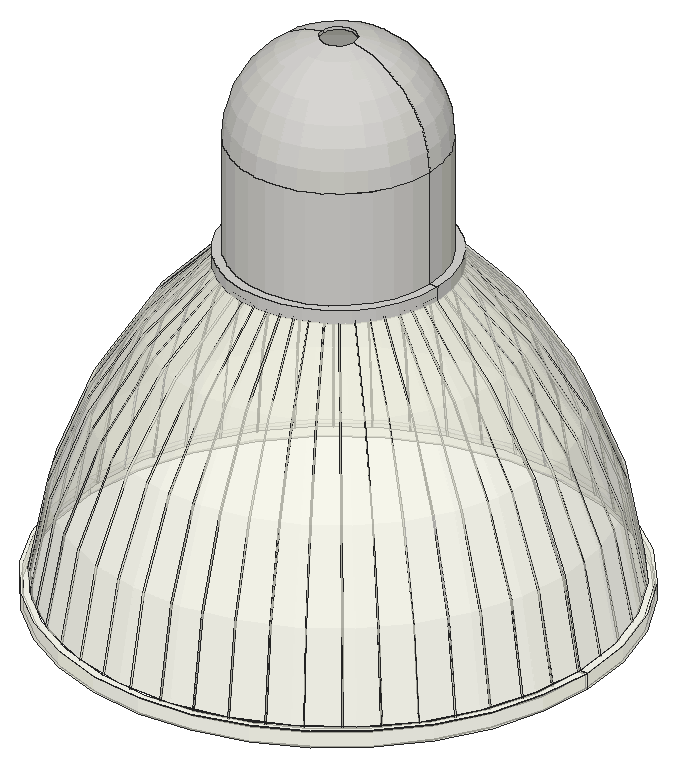
Revit family "PC22", category Lighting Fixtures, Revit 2024
Family settings
  Round Connector Dimension = Use Diameter
  Part Type = Normal
  OmniClass Number = 23.80.70.00
  OmniClass Title = Lighting
  Work Plane-Based = No
  Always vertical = Yes
  Cut with Voids When Loaded = No
  Light Source = No
  Maintain Annotation Orientation = No
  Shared = No
  Room Calculation Point = No
Parameters
  Default Elevation = 0' - 0"
Reference planes (in)
  plane 1 "Light Source Axis (F/B)": y = 0
  plane 2: z = 0
  plane 3 "Light Source Axis (L/R)": x = 0
  plane 4 "Light Source Elevation": z = 54
Forms (in)
  Sweep 1, solid, material "GLASS SHADE", not visible
    path origin (75.968, 0, 0.00093) x (1, 0, 0) y (0, 0, 1)
      loop
        arc (-4.5864, 68.3252) -> (-8.91952, 61.72019) -> (-10.59309, 54) r 21.63816
    profile origin (67.04848, 0, 61.72112) x (0.922209, 0, -0.386691) y (0, -1, 0)
      loop
        circle (0, 0) r 0.03125
  Revolve 2, solid, material "58"
    sketch origin (10.62609, 0, 10.63977) x (1, 0, 0) y (0, 0, 1)
      loop
        arc (-6.60399, 61.34693) -> (-7.54855, 63.93654) -> (-9.93859, 65.30984) r 4.02211
        line (-9.93859, 65.30984) -> (-9.93859, 65.21466)
        arc (-9.93859, 65.21466) -> (-7.61505, 63.86995) -> (-6.69774, 61.34693) r 3.92836
        line (-6.69774, 61.34693) -> (-6.69774, 56.85004) -> (-6.33898, 56.85004) -> (-6.33898, 56.42796) -> (-6.24523, 56.42796) -> (-6.24523, 56.94379) -> (-6.60399, 56.94379) -> (-6.60399, 61.34693)
      axis (-10.62609, 65.30984) -> (-10.62609, 56.42796)
    angle from 0 to 360
  Revolve 3, solid, material "GLASS SHADE"
    sketch origin (0, 0, 0) x (1, 0, 0) y (0, 0, 1)
      loop
        line (4.29749, 67.14046) -> (4.23103, 67.074)
        arc (4.23103, 67.074) -> (8.64058, 61.44336) -> (10.61405, 54.56923) r 18.70076
        line (10.61405, 54.56923) -> (10.91067, 54.56923) -> (10.91067, 54) -> (11.00442, 54) -> (11.00442, 54.66298) -> (10.69977, 54.66298)
        arc (10.69977, 54.66298) -> (8.70603, 61.52125) -> (4.29749, 67.14046) r 18.79451
      axis (0, 54) -> (0, 67.14046)
    angle from 0 to 360
  Sweep 4, solid, material "GLASS SHADE"
    path origin (0.00781, 0, 0) x (1, 0, 0) y (0, 0, 1)
      loop
        arc (-4.23103, 67.074) -> (-8.62642, 61.43613) -> (-10.61405, 54.56923) r 18.9046
    profile origin (-8.61861, 0, 61.43613) x (0.890674, 0, -0.454642) y (0, -1, 0)
      loop
        circle (0, -0.01816) r 0.03125
  Sweep 5, solid, material "GLASS SHADE"
    path origin (0.00775, -0.00098, 0) x (0.992115, -0.125333, 0) y (0, 0, 1)
      loop
        arc (-4.23103, 67.074) -> (-8.62642, 61.43613) -> (-10.61405, 54.56923) r 18.9046
    profile origin (-8.55065, 1.0802, 61.43613) x (0.883651, -0.111631, -0.454642) y (-0.125333, -0.992115, 0)
      loop
        circle (0, -0.01816) r 0.03125
  Sweep 6, solid, material "GLASS SHADE"
    path origin (0.00775, 0.00098, 0) x (0.992115, 0.125333, 0) y (0, 0, 1)
      loop
        arc (-4.23103, 67.074) -> (-8.62642, 61.43613) -> (-10.61405, 54.56923) r 18.9046
    profile origin (-8.55065, -1.0802, 61.43613) x (0.883651, 0.111631, -0.454642) y (0.125333, -0.992115, 0)
      loop
        circle (0, -0.01816) r 0.03125
  Sweep 7, solid, material "GLASS SHADE"
    path origin (0.00757, 0.00194, 0) x (0.968583, 0.24869, 0) y (0, 0, 1)
      loop
        arc (-4.23103, 67.074) -> (-8.62642, 61.43613) -> (-10.61405, 54.56923) r 18.9046
    profile origin (-8.34784, -2.14336, 61.43613) x (0.862692, 0.221502, -0.454642) y (0.24869, -0.968583, 0)
      loop
        circle (0, -0.01816) r 0.03125
  Sweep 8, solid, material "GLASS SHADE"
    path origin (0.00726, 0.00288, 0) x (0.929776, 0.368125, 0) y (0, 0, 1)
      loop
        arc (-4.23103, 67.074) -> (-8.62642, 61.43613) -> (-10.61405, 54.56923) r 18.9046
    profile origin (-8.01338, -3.17272, 61.43613) x (0.828128, 0.327879, -0.454642) y (0.368125, -0.929776, 0)
      loop
        circle (0, -0.01816) r 0.03125
  Sweep 9, solid, material "GLASS SHADE"
    path origin (0.00685, 0.00376, 0) x (0.876307, 0.481754, 0) y (0, 0, 1)
      loop
        arc (-4.23103, 67.074) -> (-8.62642, 61.43613) -> (-10.61405, 54.56923) r 18.9046
    profile origin (-7.55255, -4.15205, 61.43613) x (0.780504, 0.429086, -0.454642) y (0.481754, -0.876307, 0)
      loop
        circle (0, -0.01816) r 0.03125
  Sweep 10, solid, material "GLASS SHADE"
    path origin (0.00632, 0.00459, 0) x (0.809017, 0.587785, 0) y (0, 0, 1)
      loop
        arc (-4.23103, 67.074) -> (-8.62642, 61.43613) -> (-10.61405, 54.56923) r 18.9046
    profile origin (-6.9726, -5.06589, 61.43613) x (0.720571, 0.523525, -0.454642) y (0.587785, -0.809017, 0)
      loop
        circle (0, -0.01816) r 0.03125
  Sweep 11, solid, material "GLASS SHADE"
    path origin (0.0057, 0.00535, 0) x (0.728969, 0.684547, 0) y (0, 0, 1)
      loop
        arc (-4.23103, 67.074) -> (-8.62642, 61.43613) -> (-10.61405, 54.56923) r 18.9046
    profile origin (-6.2827, -5.89985, 61.43613) x (0.649274, 0.609708, -0.454642) y (0.684547, -0.728969, 0)
      loop
        circle (0, -0.01816) r 0.03125
  Sweep 12, solid, material "GLASS SHADE"
    path origin (0.00498, 0.00602, 0) x (0.637424, 0.770513, 0) y (0, 0, 1)
      loop
        arc (-4.23103, 67.074) -> (-8.62642, 61.43613) -> (-10.61405, 54.56923) r 18.9046
    profile origin (-5.49371, -6.64075, 61.43613) x (0.567737, 0.686276, -0.454642) y (0.770513, -0.637424, 0)
      loop
        circle (0, -0.01816) r 0.03125
  Sweep 13, solid, material "GLASS SHADE"
    path origin (0.00419, 0.0066, 0) x (0.535827, 0.844328, 0) y (0, 0, 1)
      loop
        arc (-4.23103, 67.074) -> (-8.62642, 61.43613) -> (-10.61405, 54.56923) r 18.9046
    profile origin (-4.61808, -7.27693, 61.43613) x (0.477247, 0.752021, -0.454642) y (0.844328, -0.535827, 0)
      loop
        circle (0, -0.01816) r 0.03125
  Sweep 14, solid, material "GLASS SHADE"
    path origin (0.00333, 0.00707, 0) x (0.425779, 0.904827, 0) y (0, 0, 1)
      loop
        arc (-4.23103, 67.074) -> (-8.62642, 61.43613) -> (-10.61405, 54.56923) r 18.9046
    profile origin (-3.66963, -7.79835, 61.43613) x (0.379231, 0.805906, -0.454642) y (0.904827, -0.425779, 0)
      loop
        circle (0, -0.01816) r 0.03125
  Sweep 15, solid, material "GLASS SHADE"
    path origin (0.00241, 0.00743, 0) x (0.309017, 0.951057, 0) y (0, 0, 1)
      loop
        arc (-4.23103, 67.074) -> (-8.62642, 61.43613) -> (-10.61405, 54.56923) r 18.9046
    profile origin (-2.6633, -8.19679, 61.43613) x (0.275233, 0.847081, -0.454642) y (0.951057, -0.309017, 0)
      loop
        circle (0, -0.01816) r 0.03125
  Sweep 16, solid, material "GLASS SHADE"
    path origin (0.00146, 0.00767, 0) x (0.187381, 0.982287, 0) y (0, 0, 1)
      loop
        arc (-4.23103, 67.074) -> (-8.62642, 61.43613) -> (-10.61405, 54.56923) r 18.9046
    profile origin (-1.61497, -8.46595, 61.43613) x (0.166896, 0.874898, -0.454642) y (0.982287, -0.187381, 0)
      loop
        circle (0, -0.01816) r 0.03125
  Sweep 17, solid, material "GLASS SHADE"
    path origin (0.00049, 0.0078, 0) x (0.062791, 0.998027, 0) y (0, 0, 1)
      loop
        arc (-4.23103, 67.074) -> (-8.62642, 61.43613) -> (-10.61405, 54.56923) r 18.9046
    profile origin (-0.54117, -8.6016, 61.43613) x (0.055926, 0.888917, -0.454642) y (0.998027, -0.062791, 0)
      loop
        circle (0, -0.01816) r 0.03125
  Sweep 18, solid, material "GLASS SHADE"
    path origin (-0.00049, 0.0078, 0) x (-0.062791, 0.998027, 0) y (0, 0, 1)
      loop
        arc (-4.23103, 67.074) -> (-8.62642, 61.43613) -> (-10.61405, 54.56923) r 18.9046
    profile origin (0.54117, -8.6016, 61.43613) x (-0.055926, 0.888917, -0.454642) y (0.998027, 0.062791, 0)
      loop
        circle (0, -0.01816) r 0.03125
  Sweep 19, solid, material "GLASS SHADE"
    path origin (-0.00146, 0.00767, 0) x (-0.187381, 0.982287, 0) y (0, 0, 1)
      loop
        arc (-4.23103, 67.074) -> (-8.62642, 61.43613) -> (-10.61405, 54.56923) r 18.9046
    profile origin (1.61497, -8.46595, 61.43613) x (-0.166896, 0.874898, -0.454642) y (0.982287, 0.187381, 0)
      loop
        circle (0, -0.01816) r 0.03125
  Sweep 20, solid, material "GLASS SHADE"
    path origin (-0.00241, 0.00743, 0) x (-0.309017, 0.951057, 0) y (0, 0, 1)
      loop
        arc (-4.23103, 67.074) -> (-8.62642, 61.43613) -> (-10.61405, 54.56923) r 18.9046
    profile origin (2.6633, -8.19679, 61.43613) x (-0.275233, 0.847081, -0.454642) y (0.951057, 0.309017, 0)
      loop
        circle (0, -0.01816) r 0.03125
  Sweep 21, solid, material "GLASS SHADE"
    path origin (-0.00333, 0.00707, 0) x (-0.425779, 0.904827, 0) y (0, 0, 1)
      loop
        arc (-4.23103, 67.074) -> (-8.62642, 61.43613) -> (-10.61405, 54.56923) r 18.9046
    profile origin (3.66963, -7.79835, 61.43613) x (-0.379231, 0.805906, -0.454642) y (0.904827, 0.425779, 0)
      loop
        circle (0, -0.01816) r 0.03125
  Sweep 22, solid, material "GLASS SHADE"
    path origin (-0.00419, 0.0066, 0) x (-0.535827, 0.844328, 0) y (0, 0, 1)
      loop
        arc (-4.23103, 67.074) -> (-8.62642, 61.43613) -> (-10.61405, 54.56923) r 18.9046
    profile origin (4.61808, -7.27693, 61.43613) x (-0.477247, 0.752021, -0.454642) y (0.844328, 0.535827, 0)
      loop
        circle (0, -0.01816) r 0.03125
  Sweep 23, solid, material "GLASS SHADE"
    path origin (-0.00498, 0.00602, 0) x (-0.637424, 0.770513, 0) y (0, 0, 1)
      loop
        arc (-4.23103, 67.074) -> (-8.62642, 61.43613) -> (-10.61405, 54.56923) r 18.9046
    profile origin (5.49371, -6.64075, 61.43613) x (-0.567737, 0.686276, -0.454642) y (0.770513, 0.637424, 0)
      loop
        circle (0, -0.01816) r 0.03125
  Sweep 24, solid, material "GLASS SHADE"
    path origin (-0.0057, 0.00535, 0) x (-0.728969, 0.684547, 0) y (0, 0, 1)
      loop
        arc (-4.23103, 67.074) -> (-8.62642, 61.43613) -> (-10.61405, 54.56923) r 18.9046
    profile origin (6.2827, -5.89985, 61.43613) x (-0.649274, 0.609708, -0.454642) y (0.684547, 0.728969, 0)
      loop
        circle (0, -0.01816) r 0.03125
  Sweep 25, solid, material "GLASS SHADE"
    path origin (-0.00632, 0.00459, 0) x (-0.809017, 0.587785, 0) y (0, 0, 1)
      loop
        arc (-4.23103, 67.074) -> (-8.62642, 61.43613) -> (-10.61405, 54.56923) r 18.9046
    profile origin (6.9726, -5.06589, 61.43613) x (-0.720571, 0.523525, -0.454642) y (0.587785, 0.809017, 0)
      loop
        circle (0, -0.01816) r 0.03125
  Sweep 26, solid, material "GLASS SHADE"
    path origin (-0.00685, 0.00376, 0) x (-0.876307, 0.481754, 0) y (0, 0, 1)
      loop
        arc (-4.23103, 67.074) -> (-8.62642, 61.43613) -> (-10.61405, 54.56923) r 18.9046
    profile origin (7.55255, -4.15205, 61.43613) x (-0.780504, 0.429086, -0.454642) y (0.481754, 0.876307, 0)
      loop
        circle (0, -0.01816) r 0.03125
  Sweep 27, solid, material "GLASS SHADE"
    path origin (-0.00726, 0.00288, 0) x (-0.929776, 0.368125, 0) y (0, 0, 1)
      loop
        arc (-4.23103, 67.074) -> (-8.62642, 61.43613) -> (-10.61405, 54.56923) r 18.9046
    profile origin (8.01338, -3.17272, 61.43613) x (-0.828128, 0.327879, -0.454642) y (0.368125, 0.929776, 0)
      loop
        circle (0, -0.01816) r 0.03125
  Sweep 28, solid, material "GLASS SHADE"
    path origin (-0.00757, 0.00194, 0) x (-0.968583, 0.24869, 0) y (0, 0, 1)
      loop
        arc (-4.23103, 67.074) -> (-8.62642, 61.43613) -> (-10.61405, 54.56923) r 18.9046
    profile origin (8.34784, -2.14336, 61.43613) x (-0.862692, 0.221502, -0.454642) y (0.24869, 0.968583, 0)
      loop
        circle (0, -0.01816) r 0.03125
  Sweep 29, solid, material "GLASS SHADE"
    path origin (-0.00775, 0.00098, 0) x (-0.992115, 0.125333, 0) y (0, 0, 1)
      loop
        arc (-4.23103, 67.074) -> (-8.62642, 61.43613) -> (-10.61405, 54.56923) r 18.9046
    profile origin (8.55065, -1.0802, 61.43613) x (-0.883651, 0.111631, -0.454642) y (0.125333, 0.992115, 0)
      loop
        circle (0, -0.01816) r 0.03125
  Sweep 30, solid, material "GLASS SHADE"
    path origin (-0.00781, 0, 0) x (-1, 0, 0) y (0, 0, 1)
      loop
        arc (-4.23103, 67.074) -> (-8.62642, 61.43613) -> (-10.61405, 54.56923) r 18.9046
    profile origin (8.61861, 0, 61.43613) x (-0.890674, 0, -0.454642) y (0, 1, 0)
      loop
        circle (0, -0.01816) r 0.03125
  Sweep 31, solid, material "GLASS SHADE"
    path origin (-0.00775, -0.00098, 0) x (-0.992115, -0.125333, 0) y (0, 0, 1)
      loop
        arc (-4.23103, 67.074) -> (-8.62642, 61.43613) -> (-10.61405, 54.56923) r 18.9046
    profile origin (8.55065, 1.0802, 61.43613) x (-0.883651, -0.111631, -0.454642) y (-0.125333, 0.992115, 0)
      loop
        circle (0, -0.01816) r 0.03125
  Sweep 32, solid, material "GLASS SHADE"
    path origin (-0.00757, -0.00194, 0) x (-0.968583, -0.24869, 0) y (0, 0, 1)
      loop
        arc (-4.23103, 67.074) -> (-8.62642, 61.43613) -> (-10.61405, 54.56923) r 18.9046
    profile origin (8.34784, 2.14336, 61.43613) x (-0.862692, -0.221502, -0.454642) y (-0.24869, 0.968583, 0)
      loop
        circle (0, -0.01816) r 0.03125
  Sweep 33, solid, material "GLASS SHADE"
    path origin (-0.00726, -0.00288, 0) x (-0.929776, -0.368125, 0) y (0, 0, 1)
      loop
        arc (-4.23103, 67.074) -> (-8.62642, 61.43613) -> (-10.61405, 54.56923) r 18.9046
    profile origin (8.01338, 3.17272, 61.43613) x (-0.828128, -0.327879, -0.454642) y (-0.368125, 0.929776, 0)
      loop
        circle (0, -0.01816) r 0.03125
  Sweep 34, solid, material "GLASS SHADE"
    path origin (-0.00685, -0.00376, 0) x (-0.876307, -0.481754, 0) y (0, 0, 1)
      loop
        arc (-4.23103, 67.074) -> (-8.62642, 61.43613) -> (-10.61405, 54.56923) r 18.9046
    profile origin (7.55255, 4.15205, 61.43613) x (-0.780504, -0.429086, -0.454642) y (-0.481754, 0.876307, 0)
      loop
        circle (0, -0.01816) r 0.03125
  Sweep 35, solid, material "GLASS SHADE"
    path origin (-0.00632, -0.00459, 0) x (-0.809017, -0.587785, 0) y (0, 0, 1)
      loop
        arc (-4.23103, 67.074) -> (-8.62642, 61.43613) -> (-10.61405, 54.56923) r 18.9046
    profile origin (6.9726, 5.06589, 61.43613) x (-0.720571, -0.523525, -0.454642) y (-0.587785, 0.809017, 0)
      loop
        circle (0, -0.01816) r 0.03125
  Sweep 36, solid, material "GLASS SHADE"
    path origin (-0.0057, -0.00535, 0) x (-0.728969, -0.684547, 0) y (0, 0, 1)
      loop
        arc (-4.23103, 67.074) -> (-8.62642, 61.43613) -> (-10.61405, 54.56923) r 18.9046
    profile origin (6.2827, 5.89985, 61.43613) x (-0.649274, -0.609708, -0.454642) y (-0.684547, 0.728969, 0)
      loop
        circle (0, -0.01816) r 0.03125
  Sweep 37, solid, material "GLASS SHADE"
    path origin (-0.00498, -0.00602, 0) x (-0.637424, -0.770513, 0) y (0, 0, 1)
      loop
        arc (-4.23103, 67.074) -> (-8.62642, 61.43613) -> (-10.61405, 54.56923) r 18.9046
    profile origin (5.49371, 6.64075, 61.43613) x (-0.567737, -0.686276, -0.454642) y (-0.770513, 0.637424, 0)
      loop
        circle (0, -0.01816) r 0.03125
  Sweep 38, solid, material "GLASS SHADE"
    path origin (-0.00419, -0.0066, 0) x (-0.535827, -0.844328, 0) y (0, 0, 1)
      loop
        arc (-4.23103, 67.074) -> (-8.62642, 61.43613) -> (-10.61405, 54.56923) r 18.9046
    profile origin (4.61808, 7.27693, 61.43613) x (-0.477247, -0.752021, -0.454642) y (-0.844328, 0.535827, 0)
      loop
        circle (0, -0.01816) r 0.03125
  Sweep 39, solid, material "GLASS SHADE"
    path origin (-0.00333, -0.00707, 0) x (-0.425779, -0.904827, 0) y (0, 0, 1)
      loop
        arc (-4.23103, 67.074) -> (-8.62642, 61.43613) -> (-10.61405, 54.56923) r 18.9046
    profile origin (3.66963, 7.79835, 61.43613) x (-0.379231, -0.805906, -0.454642) y (-0.904827, 0.425779, 0)
      loop
        circle (0, -0.01816) r 0.03125
  Sweep 40, solid, material "GLASS SHADE"
    path origin (-0.00241, -0.00743, 0) x (-0.309017, -0.951057, 0) y (0, 0, 1)
      loop
        arc (-4.23103, 67.074) -> (-8.62642, 61.43613) -> (-10.61405, 54.56923) r 18.9046
    profile origin (2.6633, 8.19679, 61.43613) x (-0.275233, -0.847081, -0.454642) y (-0.951057, 0.309017, 0)
      loop
        circle (0, -0.01816) r 0.03125
  Sweep 41, solid, material "GLASS SHADE"
    path origin (-0.00146, -0.00767, 0) x (-0.187381, -0.982287, 0) y (0, 0, 1)
      loop
        arc (-4.23103, 67.074) -> (-8.62642, 61.43613) -> (-10.61405, 54.56923) r 18.9046
    profile origin (1.61497, 8.46595, 61.43613) x (-0.166896, -0.874898, -0.454642) y (-0.982287, 0.187381, 0)
      loop
        circle (0, -0.01816) r 0.03125
  Sweep 42, solid, material "GLASS SHADE"
    path origin (-0.00049, -0.0078, 0) x (-0.062791, -0.998027, 0) y (0, 0, 1)
      loop
        arc (-4.23103, 67.074) -> (-8.62642, 61.43613) -> (-10.61405, 54.56923) r 18.9046
    profile origin (0.54117, 8.6016, 61.43613) x (-0.055926, -0.888917, -0.454642) y (-0.998027, 0.062791, 0)
      loop
        circle (0, -0.01816) r 0.03125
  Sweep 43, solid, material "GLASS SHADE"
    path origin (0.00049, -0.0078, 0) x (0.062791, -0.998027, 0) y (0, 0, 1)
      loop
        arc (-4.23103, 67.074) -> (-8.62642, 61.43613) -> (-10.61405, 54.56923) r 18.9046
    profile origin (-0.54117, 8.6016, 61.43613) x (0.055926, -0.888917, -0.454642) y (-0.998027, -0.062791, 0)
      loop
        circle (0, -0.01816) r 0.03125
  Sweep 44, solid, material "GLASS SHADE"
    path origin (0.00146, -0.00767, 0) x (0.187381, -0.982287, 0) y (0, 0, 1)
      loop
        arc (-4.23103, 67.074) -> (-8.62642, 61.43613) -> (-10.61405, 54.56923) r 18.9046
    profile origin (-1.61497, 8.46595, 61.43613) x (0.166896, -0.874898, -0.454642) y (-0.982287, -0.187381, 0)
      loop
        circle (0, -0.01816) r 0.03125
  Sweep 45, solid, material "GLASS SHADE"
    path origin (0.00241, -0.00743, 0) x (0.309017, -0.951057, 0) y (0, 0, 1)
      loop
        arc (-4.23103, 67.074) -> (-8.62642, 61.43613) -> (-10.61405, 54.56923) r 18.9046
    profile origin (-2.6633, 8.19679, 61.43613) x (0.275233, -0.847081, -0.454642) y (-0.951057, -0.309017, 0)
      loop
        circle (0, -0.01816) r 0.03125
  Sweep 46, solid, material "GLASS SHADE"
    path origin (0.00333, -0.00707, 0) x (0.425779, -0.904827, 0) y (0, 0, 1)
      loop
        arc (-4.23103, 67.074) -> (-8.62642, 61.43613) -> (-10.61405, 54.56923) r 18.9046
    profile origin (-3.66963, 7.79835, 61.43613) x (0.379231, -0.805906, -0.454642) y (-0.904827, -0.425779, 0)
      loop
        circle (0, -0.01816) r 0.03125
  Sweep 47, solid, material "GLASS SHADE"
    path origin (0.00419, -0.0066, 0) x (0.535827, -0.844328, 0) y (0, 0, 1)
      loop
        arc (-4.23103, 67.074) -> (-8.62642, 61.43613) -> (-10.61405, 54.56923) r 18.9046
    profile origin (-4.61808, 7.27693, 61.43613) x (0.477247, -0.752021, -0.454642) y (-0.844328, -0.535827, 0)
      loop
        circle (0, -0.01816) r 0.03125
  Sweep 48, solid, material "GLASS SHADE"
    path origin (0.00498, -0.00602, 0) x (0.637424, -0.770513, 0) y (0, 0, 1)
      loop
        arc (-4.23103, 67.074) -> (-8.62642, 61.43613) -> (-10.61405, 54.56923) r 18.9046
    profile origin (-5.49371, 6.64075, 61.43613) x (0.567737, -0.686276, -0.454642) y (-0.770513, -0.637424, 0)
      loop
        circle (0, -0.01816) r 0.03125
  Sweep 49, solid, material "GLASS SHADE"
    path origin (0.0057, -0.00535, 0) x (0.728969, -0.684547, 0) y (0, 0, 1)
      loop
        arc (-4.23103, 67.074) -> (-8.62642, 61.43613) -> (-10.61405, 54.56923) r 18.9046
    profile origin (-6.2827, 5.89985, 61.43613) x (0.649274, -0.609708, -0.454642) y (-0.684547, -0.728969, 0)
      loop
        circle (0, -0.01816) r 0.03125
  Sweep 50, solid, material "GLASS SHADE"
    path origin (0.00632, -0.00459, 0) x (0.809017, -0.587785, 0) y (0, 0, 1)
      loop
        arc (-4.23103, 67.074) -> (-8.62642, 61.43613) -> (-10.61405, 54.56923) r 18.9046
    profile origin (-6.9726, 5.06589, 61.43613) x (0.720571, -0.523525, -0.454642) y (-0.587785, -0.809017, 0)
      loop
        circle (0, -0.01816) r 0.03125
  Sweep 51, solid, material "GLASS SHADE"
    path origin (0.00685, -0.00376, 0) x (0.876307, -0.481754, 0) y (0, 0, 1)
      loop
        arc (-4.23103, 67.074) -> (-8.62642, 61.43613) -> (-10.61405, 54.56923) r 18.9046
    profile origin (-7.55255, 4.15205, 61.43613) x (0.780504, -0.429086, -0.454642) y (-0.481754, -0.876307, 0)
      loop
        circle (0, -0.01816) r 0.03125
  Sweep 52, solid, material "GLASS SHADE"
    path origin (0.00726, -0.00288, 0) x (0.929776, -0.368125, 0) y (0, 0, 1)
      loop
        arc (-4.23103, 67.074) -> (-8.62642, 61.43613) -> (-10.61405, 54.56923) r 18.9046
    profile origin (-8.01338, 3.17272, 61.43613) x (0.828128, -0.327879, -0.454642) y (-0.368125, -0.929776, 0)
      loop
        circle (0, -0.01816) r 0.03125
  Sweep 53, solid, material "GLASS SHADE"
    path origin (0.00757, -0.00194, 0) x (0.968583, -0.24869, 0) y (0, 0, 1)
      loop
        arc (-4.23103, 67.074) -> (-8.62642, 61.43613) -> (-10.61405, 54.56923) r 18.9046
    profile origin (-8.34784, 2.14336, 61.43613) x (0.862692, -0.221502, -0.454642) y (-0.24869, -0.968583, 0)
      loop
        circle (0, -0.01816) r 0.03125
Dimensions and locks (in)
  aligned and locked: level to plane 2
